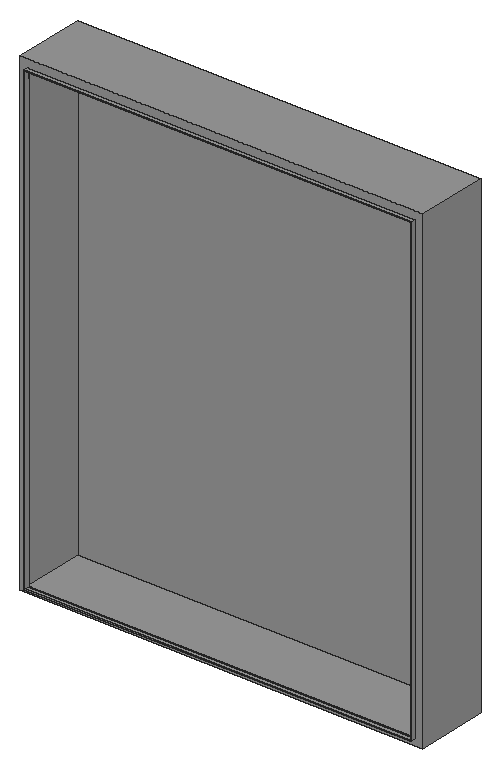
Revit family "Hager-Univers-IP30-D161-Cl.II-FWB-encl--NoHosted-CH-it", category Electrical Equipment, Revit 2020
Family settings
  Panel Configuration = Two Columns, Circuits Across
  Round Connector Dimension = Use Diameter
  Part Type = Panelboard
  Work Plane-Based = Yes
  Always vertical = Yes
  Cut with Voids When Loaded = No
  Shared = No
  Room Calculation Point = No
Parameters (values of type "A parete IP30 L800 A950 P161  - FWB63D1")
  Width Control [instance] = if([EF000008 - Larghezza] > Min Width, [EF000008 - Larghezza], Min Width)  # 800 mm
  Type Comments = [HG000003 - Gamma]  # "Univers"
  Thickness Door [instance] = if([EF009171 - spessore materiale porta/coperchio] > 3 mm, 3 mm, [EF009171 - spessore materiale porta/coperchio])  # 1 mm
  Seal Frame Offset [instance] = 17 mm  # constant formula
  Plinth Visibility [instance] = [HG000027 - Altezza dello zoccolo] > 0 mm  # no
  Min Width [instance] = 100 mm  # constant formula
  Min Depth [instance] = (2 * [EF009170 - spessore materiale scatola]) + 1 mm  # 5 mm
  Min Height [instance] = 100 mm  # constant formula
  Internal Frame Depth [instance] = (Door System Depth * 0.5)  # 9 mm
  Panel Name [instance] = ""  # (empty or 0)
  Model = ""
  HG000027 - Altezza dello zoccolo = 0 mm
  HG000026 - A pavimento = no
  HG000024 - Altezza della sezione inferiore = 600 mm
  HG000023 - Custodia a doppia sezione = no
  HG000016 - Visibilità delle porte nella vista 3D [instance] = yes
  HG000015 - Visibilità attraverso la porta [instance] = no
  HG000014 - Porta destra [instance] = yes
  HG000013 - Porta sinistra [instance] = not([HG000014 - Porta destra])  # no
  HG000012 - Angolo di apertura della porta [instance] = 30.00°
  HG000010 - Porte asimmetriche = no
  HG000009 - Porta doppia a battente = no
  HG000006 - Ad incasso = no
  HG000004 - Codice produttore = "FWB63D1"
  HG000003 - Gamma = "Univers"
  HG000002 - Con porta = no
  Frame Offset Bottom [instance] = 10 mm  # constant formula
  Frame Offset [instance] = 15 mm  # constant formula
  EF015940 - Coprire con rilascio di sovrapressione = no
  EF011959 - tipo di protezione (NEMA) = ""
  EF009554 - numero delle aperture per la piastra della flangia = 6
  EF009212 - esecuzione coperchio = "EV009916 - con taglio"
  EF009171 - spessore materiale porta/coperchio = 1 mm
  EF009170 - spessore materiale scatola = 2 mm
  EF008873 - corrente nominale (In) = 125 A
  EF007800 - adatto per parafulmine = no
  EF006306 - con serratura = no
  EF006244 - coperchio/porta trasparente = no
  EF005474 - grado di protezione (IP) = "EV006410 - IP30"
  EF004464 - tipo di porta = "EV000494 - senza"
  EF004427 - numero di moduli = 216
  EF004293 - resistenza agli urti = "EV006815 - IK09"
  EF003532 - adatto per uso esterno = no
  EF002950 - Numero moduli DIN = 12
  EF001613 - Integrità del circuito = "EV000494 - senza"
  EF001596 - Attacco Lampada = "EV000179 - acciaio"
  EF001131 - profondità interna = 160 mm
  EF001088 - possibilità di applicazione = yes
  EF000437 - numero di ingressi per conduttori = 12
  EF000339 - tipo di copertura = "EV004216 - porta"
  EF000266 - numero di file = 0
  EF000218 - profondità di incasso = 0 mm
  EF000118 - con piastra di montaggio = no
  EF000116 - numero RAL = "9010"
  EF000049 - profondità = 161 mm
  EF000040 - Altezza = 950 mm
  EF000008 - Larghezza = 800 mm
  EF000007 - colore = "EV000202 - bianco"
  EF000003 - Tipo di montaggio = "EV000384 - A parete"
  Door System Leaf Tolerance [instance] = 1.5 mm  # constant formula
  Door System Depth [instance] = 18 mm  # constant formula
  Door Height [instance] = Height Control - [HG000027 - Altezza dello zoccolo]  # 950 mm
  Description = ""
  Default Elevation = 1219.2 mm
  Connector Offset [instance] = Height Control / 2  # 475 mm
  Manufacturer = "Hager"  # constant formula
  Height Control [instance] = if([EF000040 - Altezza] > Min Height, [EF000040 - Altezza], Min Height)  # 950 mm
  Depth Control [instance] = if([EF000049 - profondità] > Min Depth, [EF000049 - profondità], Min Depth)  # 161 mm
  Bottom Top Plate Trim [instance] = 1.5 mm  # constant formula
  Plinth height Ctrl [instance] = if([HG000027 - Altezza dello zoccolo] > 0 mm, [HG000027 - Altezza dello zoccolo], 12 mm)  # 12 mm
Types (19, lengths in mm): name | Width Control | Thickness Door | Min Depth | HG000004 - Codice produttore | EF009554 - numero delle aperture per la piastra della flangia | EF009212 - esecuzione coperchio | EF009171 - spessore materiale porta/coperchio | EF009170 - spessore materiale scatola | EF004427 - numero di moduli | EF001131 - profondità interna | EF000437 - numero di ingressi per conduttori | EF000339 - tipo di copertura | EF000040 - Altezza | EF000008 - Larghezza | Door Height | Connector Offset | Height Control
  A parete IP30 L1050 A1100 P161  - FWB74D1 | 1050 | 1 | 3 | "FWB74D1" | 8 | "EV009916 - con taglio" | 1 | 1 | 336 | 156 | 16 | "EV000494 - senza" | 1100 | 1050 | 1100 | 550 | 1100
  A parete IP30 L1050 A500 P161  - FWB34D1 | 1050 | 2 | 3 | "FWB34D1" | 8 | "EV009916 - con taglio" | 2 | 1 | 144 | 156 | 16 | "EV000494 - senza" | 500 | 1050 | 500 | 250 | 500
  A parete IP30 L1050 A650 P161  - FWB44D1 | 1050 | 1 | 3 | "FWB44D1" | 8 | "EV000116 - chiuso" | 1 | 1 | 192 | 160 | 16 | "EV004216 - porta" | 650 | 1050 | 650 | 325 | 650
  A parete IP30 L1050 A800 P161  - FWB54D1 | 1050 | 1 | 5 | "FWB54D1" | 8 | "EV009916 - con taglio" | 1 | 2 | 240 | 160 | 16 | "EV004216 - porta" | 800 | 1050 | 800 | 400 | 800
  A parete IP30 L1050 A950 P161  - FWB64D1 | 1050 | 1 | 5 | "FWB64D1" | 8 | "EV009916 - con taglio" | 1 | 2 | 288 | 160 | 16 | "EV004216 - porta" | 950 | 1050 | 950 | 475 | 950
  A parete IP30 L300 A1100 P161  - FWB71D1 | 300 | 1 | 3 | "FWB71D1" | 2 | "EV009916 - con taglio" | 1 | 1 | 84 | 156 | 4 | "EV000494 - senza" | 1100 | 300 | 1100 | 550 | 1100
  A parete IP30 L300 A1250 P161  - FWB81D1 | 300 | 1 | 3 | "FWB81D1" | 2 | "EV009916 - con taglio" | 1 | 1 | 96 | 160 | 4 | "EV000494 - senza" | 1250 | 300 | 1250 | 625 | 1250
  A parete IP30 L300 A650 P161  - FWB41D1 | 300 | 1 | 3 | "FWB41D1" | 2 | "EV000116 - chiuso" | 1 | 1 | 48 | 160 | 4 | "EV004216 - porta" | 650 | 300 | 650 | 325 | 650
  A parete IP30 L300 A800 P161  - FWB51D1 | 300 | 1 | 3 | "FWB51D1" | 2 | "EV009916 - con taglio" | 1 | 1 | 60 | 156 | 4 | "EV000494 - senza" | 800 | 300 | 800 | 400 | 800
  A parete IP30 L300 A950 P161  - FWB61D1 | 300 | 1 | 3 | "FWB61D1" | 2 | "EV009916 - con taglio" | 1 | 1 | 72 | 156 | 4 | "EV000494 - senza" | 950 | 300 | 950 | 475 | 950
  A parete IP30 L550 A1100 P161  - FWB72D1 | 550 | 1 | 3 | "FWB72D1" | 4 | "EV009916 - con taglio" | 1 | 1 | 168 | 156 | 8 | "EV000494 - senza" | 1100 | 550 | 1100 | 550 | 1100
  A parete IP30 L550 A500 P161  - FWB32D1 | 550 | 2 | 5 | "FWB32D1" | 4 | "EV009916 - con taglio" | 2 | 2 | 72 | 156 | 8 | "EV000494 - senza" | 500 | 550 | 500 | 250 | 500
  A parete IP30 L550 A650 P161  - FWB42D1 | 550 | 1 | 3 | "FWB42D1" | 4 | "EV000116 - chiuso" | 1 | 1 | 96 | 160 | 8 | "EV004216 - porta" | 650 | 550 | 650 | 325 | 650
  A parete IP30 L550 A800 P161  - FWB52D1 | 550 | 1 | 3 | "FWB52D1" | 4 | "EV009916 - con taglio" | 1 | 1 | 120 | 156 | 8 | "EV000494 - senza" | 800 | 550 | 800 | 400 | 800
  A parete IP30 L550 A950 P161  - FWB62D1 | 550 | 1 | 3 | "FWB62D1" | 4 | "EV009916 - con taglio" | 1 | 1 | 144 | 156 | 8 | "EV000494 - senza" | 950 | 550 | 950 | 475 | 950
  A parete IP30 L800 A500 P161  - FWB33D1 | 800 | 1 | 3 | "FWB33D1" | 6 | "EV000116 - chiuso" | 1 | 1 | 108 | 160 | 12 | "EV004216 - porta" | 500 | 800 | 500 | 250 | 500
  A parete IP30 L800 A650 P161  - FWB43D1 | 800 | 1 | 5 | "FWB43D1" | 6 | "EV000116 - chiuso" | 1 | 2 | 144 | 160 | 12 | "EV004216 - porta" | 650 | 800 | 650 | 325 | 650
  A parete IP30 L800 A800 P161  - FWB53D1 | 800 | 1 | 3 | "FWB53D1" | 6 | "EV000116 - chiuso" | 1 | 1 | 180 | 160 | 12 | "EV004216 - porta" | 800 | 800 | 800 | 400 | 800
  A parete IP30 L800 A950 P161  - FWB63D1 | 800 | 1 | 5 | "FWB63D1" | 6 | "EV009916 - con taglio" | 1 | 2 | 216 | 160 | 12 | "EV004216 - porta" | 950 | 800 | 950 | 475 | 950
Reference planes
  plane 1 "Center (Front/Back)": y = 0
  plane 2: z = 0
  plane 3 "Center (Left/Right)": x = 0
  plane 4: y = 0
  plane 5: y = 0
  plane 6: z = 0
  plane 7: x = -400
  plane 8: x = 400
  plane 9: x = 398
  plane 10: x = -398
  plane 11: z = 0
  plane 12: z = 2
  plane 13: y = -161
  plane 14: y = -2
  plane 15: x = 0
  plane 16: y = -143
  plane 17: y = -159
  plane 18: y = -141
  plane 19: x = -383
  plane 20: x = 383
  plane 21: z = 12
  plane 22: x = -383
  plane 23: x = 383
  plane 24: z = 0
  plane 25: z = 950
  plane 26: z = 950
  plane 27: z = 933
  plane 28: z = 948
Forms (mm)
  Extrusion 1, solid, material "Hager_Steel_RAL7035_Light_Grey", detail levels medium+fine
    sketch origin (-208.679, -4572, 0) x (-1, 0, 0) y (0, -1, 0)
      loop
        line (191.321, -4429) -> (-608.679, -4429) -> (-608.679, -4572) -> (191.321, -4572) -> (191.321, -4429)
    from 0 to 950
  Extrusion 2, void
    sketch origin (-350.771, -161, 1219.2) x (1, 0, 0) y (0, 0, 1)
      loop
        line (-47.229, -271.2) -> (-47.229, -1217.2) -> (748.771, -1217.2) -> (748.771, -271.2) -> (-47.229, -271.2)
    from -20 to -159
  Extrusion 3, void
    sketch origin (-290.084, -143, 1219.2) x (1, 0, 0) y (0, 0, 1)
      loop
        line (-92.916, -1207.2) -> (673.084, -1207.2) -> (673.084, -286.2) -> (-92.916, -286.2) -> (-92.916, -1207.2)
    from 0 to -2
  Extrusion 4, solid, material "Hager_Steel_RAL7035_Light_Grey", visible <- "Plinth Visibility", detail levels medium+fine
    sketch origin (0, 0, 0) x (1, 0, 0) y (0, 1, 0)
      loop
        line (-400, 0) -> (-400, -143) -> (400, -143) -> (400, 0) -> (-400, 0)
    from 0 to 12 <- "Plinth height Ctrl"
  Extrusion 5, solid, material "Hager_Steel_RAL7035_Light_Grey", detail levels coarse
    sketch origin (0, 0, 0) x (1, 0, 0) y (0, 1, 0)
      loop
        line (-400, 0) -> (-400, -161) -> (400, -161) -> (400, 0) -> (-400, 0)
    from 0 to 950 <- "Height Control"
  Sweep 6, void
    path in 3D
      loop
        line (-400, -143, 12) -> (400, -143, 12) -> (400, 0, 12) -> (-400, 0, 12) -> (-400, -143, 12)
    profile origin (-400, -71.5, 12) x (1, 0, 0) y (0, 0, 1)
      loop
        line (0, 0) -> (0, -1.5) -> (1.5, -1.5)
        arc (1.5, -1.5) -> (1.061, -0.439) -> (0, 0) r 1.5
  Extrusion 7, solid, material "Hager_Steel_RAL7035_Light_Grey", detail levels fine
    sketch origin (-400, -143, 0) x (1, 0, 0) y (0, 0, 1)
      loop
        line (17, 12) -> (783, 12) -> (783, 933) -> (17, 933) -> (17, 12)
      loop
        line (16, 11) -> (784, 11) -> (784, 934) -> (16, 934) -> (16, 11)
    from 0 to 9 <- "Internal Frame Depth"
Cuts and joins
  Extrusion 2, Extrusion 3 cuts Extrusion 1
  Sweep 6 cuts Extrusion 4
Lines and regions (mm)
  Masking region 1
    outline origin (0, 0, 0) x (1, 0, 0) y (0, 1, 0)
      loop
        line (-400, 0) -> (-400, -161) -> (400, -161) -> (400, 0) -> (-400, 0)
  Masking region 2, detail levels coarse
    outline origin (-290.084, -143, 1219.2) x (-1, 0, 0) y (0, 0, 1)
      loop
        line (-690.084, -1219.2) -> (109.916, -1219.2) -> (109.916, -269.2) -> (-690.084, -269.2) -> (-690.084, -1219.2)
  Masking region 3, detail levels coarse
    outline origin (0, 0, 0) x (0, 1, 0) y (0, 0, 1)
      loop
        line (0, 0) -> (0, 950) -> (-161, 950) -> (-161, 0) -> (0, 0)
  Masking region 4, visible <- "Plinth Visibility", detail levels medium+fine
    outline origin (0, 0, 0) x (0, 1, 0) y (0, 0, 1)
      loop
        line (-1.5, 12) -> (-141.5, 12)
        arc (-141.5, 12) -> (-141.939, 10.939) -> (-143, 10.5) r 1.5
        line (-143, 10.5) -> (-143, 0) -> (0, 0) -> (0, 10.5)
        arc (0, 10.5) -> (-1.061, 10.939) -> (-1.5, 12) r 1.5
  Masking region 5, detail levels medium+fine
    outline origin (0, 0, 594.038) x (0, 1, 0) y (0, 0, 1)
      loop
        line (0, -594.038) -> (0, 355.962) -> (-143, 355.962) -> (-143, -594.038) -> (0, -594.038)
  Masking region 6, detail levels medium+fine
    outline origin (-359.7, -143, 1211.883) x (-1, 0, 0) y (0, 0, 1)
      loop
        line (-759.7, -1211.883) -> (40.3, -1211.883) -> (40.3, -261.883) -> (-759.7, -261.883) -> (-759.7, -1211.883)
  Masking region 7, visible <- "Plinth Visibility", detail levels medium+fine
    outline origin (-320.334, -143, 1041.368) x (-1, 0, 0) y (0, 0, 1)
      loop
        line (-720.334, -1041.368) -> (79.666, -1041.368) -> (79.666, -1030.868)
        arc (79.666, -1030.868) -> (78.606, -1030.429) -> (78.166, -1029.368) r 1.5
        line (78.166, -1029.368) -> (-718.834, -1029.368)
        arc (-718.834, -1029.368) -> (-719.273, -1030.429) -> (-720.334, -1030.868) r 1.5
        line (-720.334, -1030.868) -> (-720.334, -1041.368)
  sketch lines
    curve 1: line (-400, 0, 12) -> (-400, -143, 12)
    curve 2: line (-400, -143, 12) -> (400, -143, 12)
    curve 3: line (400, 0, 12) -> (-400, 0, 12)
    curve 4: line (400, -143, 12) -> (400, 0, 12)
Dimensions and locks
  locked: plane 1 "Center (Front/Back)" to plane 5
  "EF009170 - spessore materiale scatola": plane 7 to plane 10
  "EF009170 - spessore materiale scatola": plane 8 to plane 9
  equal spacing: plane 7, plane 3 "Center (Left/Right)", plane 8
  "Width Control": plane 7 to plane 8
  "Depth Control": plane 4 to plane 13
  "EF009170 - spessore materiale scatola": plane 4 to plane 14
  "Height Control": plane 25 to level
  "HG000027 - Altezza dello zoccolo": plane 11 to level
  "EF009170 - spessore materiale scatola": plane 12 to plane 11
  "EF009170 - spessore materiale scatola": plane 17 to plane 13
  "EF009170 - spessore materiale scatola": plane 18 to plane 16
  "Frame Offset Bottom": plane 21 to plane 12
  "Frame Offset": plane 10 to plane 19
  "Frame Offset": plane 9 to plane 20
  "Door System Depth": plane 16 to plane 13
  "Seal Frame Offset": plane 7 to plane 22
  "Seal Frame Offset": plane 8 to plane 23
  "EF009170 - spessore materiale scatola": plane 26 to plane 28
  "Frame Offset": plane 28 to plane 27
  "Connector Offset": plane 2 to connector elem
  "Bottom Top Plate Trim": profile plane to Sweep 6 sketch curve
  "Bottom Top Plate Trim": Sweep 6 sketch curve to Sweep 6 sketch curve
  "Plinth height Ctrl": Masking region 4 sketch curve to level
  "Plinth height Ctrl": Masking region 7 sketch curve to level
  "Thickness Door": Extrusion 7 sketch curve to Extrusion 7 sketch curve  (x4)
  "Bottom Top Plate Trim": radius of Sweep 6 sketch curve
  "Bottom Top Plate Trim": radius of Masking region 4 sketch curve  (x2)
  "Bottom Top Plate Trim": radius of Masking region 7 sketch curve  (x2)
  aligned and locked: Extrusion 2 sketch curve to plane 12
  aligned and locked: Extrusion 2 sketch curve to plane 9
  aligned and locked: Extrusion 2 sketch curve to plane 10
  aligned and locked: Extrusion 2 to plane 14
  aligned and locked: Extrusion 1 sketch curve to plane 4
  aligned and locked: plane 8 to Extrusion 1 sketch curve
  aligned and locked: plane 7 to Extrusion 1 sketch curve
  aligned and locked: Extrusion 2 to plane 18
  aligned and locked: Extrusion 3 sketch curve to plane 19
  aligned and locked: plane 20 to Extrusion 3 sketch curve
  aligned and locked: Extrusion 3 to Extrusion 2
  aligned and locked: Extrusion 3 sketch curve to plane 21
  aligned and locked: plane 3 "Center (Left/Right)" to nested 1
  aligned and locked: Extrusion 1 sketch curve to plane 16
  aligned and locked: Extrusion 4 sketch curve to cut or joined group of Extrusion 1, Extrusion 2, Extrusion 3
  aligned and locked: Masking region 1 sketch curve to plane 7
  aligned and locked: Masking region 1 sketch curve to plane 5
  aligned and locked: Masking region 1 sketch curve to plane 8
  aligned and locked: Masking region 2 sketch curve to level
  aligned and locked: level to Masking region 3 sketch curve
  aligned and locked: plane 1 "Center (Front/Back)" to Masking region 3 sketch curve
  aligned and locked: plane 13 to Masking region 3 sketch curve
  aligned and locked: plane 5 to Masking region 4 sketch curve
  aligned and locked: Masking region 2 sketch curve to plane 8
  aligned and locked: Masking region 2 sketch curve to plane 7
  aligned and locked: plane 7 to nested 2
  aligned and locked: nested 2 to plane 5
  aligned and locked: plane 5 to Masking region 5 sketch curve
  aligned and locked: plane 26 to Masking region 5 sketch curve
  aligned and locked: Extrusion 5 sketch curve to plane 8
  aligned and locked: Extrusion 5 sketch curve to plane 7
  aligned and locked: Extrusion 5 sketch curve to plane 5
  aligned and locked: Extrusion 3 sketch curve to plane 27
  aligned and locked: Extrusion 2 sketch curve to plane 28
  aligned and locked: Masking region 2 to plane 25
  aligned and locked: Extrusion 4 to plane 16
  aligned and locked: profile plane to Sweep 6 sketch curve
  aligned and locked: Masking region 5 sketch curve to plane 24
  aligned and locked: level to Masking region 4 sketch curve
  aligned and locked: Masking region 1 to plane 13
  aligned and locked: nested 1 to plane 16
  aligned and locked: Masking region 3 to plane 25
  aligned and locked: plane 16 to Masking region 4 sketch curve
  aligned and locked: Masking region 5 sketch curve to plane 16
  aligned and locked: plane 24 to plane 11
  aligned and locked: plane 26 to plane 25
  aligned and locked: plane 26 to cut or joined group of Extrusion 1, Extrusion 2, Extrusion 3
  aligned and locked: nested 1 to plane 24
  aligned and locked: Extrusion 1 to Extrusion 3
  aligned and locked: Masking region 6 sketch curve to plane 8
  aligned and locked: Masking region 6 sketch curve to plane 24
  aligned and locked: Masking region 6 sketch curve to plane 7
  aligned and locked: Masking region 6 sketch curve to plane 26
  aligned and locked: Masking region 7 sketch curve to plane 7
  aligned and locked: level to Masking region 7 sketch curve
  aligned and locked: Masking region 7 sketch curve to plane 8
  aligned and locked: Extrusion 7 sketch curve to cut or joined group of Extrusion 1, Extrusion 2, Extrusion 3  (x4)
Automatic sketch dimensions
  plane 19 to Extrusion 3 sketch curve = 0 mm
  Extrusion 3 sketch curve to plane 20 = 0 mm
  Extrusion 3 sketch curve to plane 21 = 0 mm
  Extrusion 4 sketch curve to plane 7 = 0 mm
  Extrusion 4 sketch curve to plane 8 = 0 mm
  Extrusion 4 sketch curve to plane 16 = 0 mm
  Masking region 1 sketch curve to plane 13 = 0 mm
  Masking region 2 sketch curve to plane 25 = 0 mm
  Masking region 3 sketch curve to plane 25 = 0 mm
  Extrusion 5 sketch curve to plane 13 = 0 mm
  profile plane to Sweep 6 sketch curve = 0 mm
Nested families
  nested 1: "EC000058_Univers_Door" at (0, -143, 0), Double <- "HG000009 - Porta doppia a battente", Transparent <- "EF006244 - coperchio/porta trasparente", Angle <- "HG000012 - Angolo di apertura della porta", Door_Right <- "HG000014 - Porta destra", Assymetrical <- "HG000010 - Porte asimmetriche", Door <- "HG000002 - Con porta", Width_Ctrl <- "Width Control", 3d_Door <- "HG000016 - Visibilità delle porte nella vista 3D", Clearance <- "HG000015 - Visibilità attraverso la porta", Door_Left <- "HG000013 - Porta sinistra", Width <- "Width Control", Door_Depth <- "Door System Depth", Leaf_Tolerance <- "Door System Leaf Tolerance", Height <- "Door Height", Lock_Visibility <- "EF006306 - con serratura", Thickness <- "Thickness Door", type "EC000058_Univers_Door", detail levels medium+fine
    with min_wh 3 mm, Width_Ctrl 800 mm, Width 800 mm, Transparent no, Thickness 1 mm, Seal_Material Hager_Rubber, Lock_Visibility no, Lock_Material Hager_Plastic_RAL9005_Jet_Black, Leaf_Width 800 mm, Leaf_Tolerance_External_Sides 0 mm, Leaf_Tolerance 1.5 mm, Leaf_Offset 0 mm, Leaf_Height 947 mm, Leaf_2_Width 800 mm, Leaf_2_Offset 400 mm, Leaf_1_Width 800 mm, Leaf_1_Offset 400 mm, Height_Ctrl 950 mm, Height 950 mm, Glass_Material Hager_Glass, Double_Clearance_Ctrl no, Double no, Door_Right_Ctrl no, Door_Right yes, Door_Material Hager_Steel_RAL7035_Light_Grey, Door_Left_Ctrl no, Door_Left no, Door_Depth 18 mm, Door no, Clearance_Material Hager_Clearance, Clearance_Depth 800 mm, Clearance_Ctrl no, Clearance no, Assymetrical no, Angle 30.00°, 3d_Door yes
  nested 2: "Hager_Enclosure_Symbol" at (-400, 0, 0), Height <- "Depth Control", Width <- "Width Control", type "Hager_Enclosure_Symbol"
    with Width_Ctrl 800 mm, Width 800 mm, Height_Ctrl 161 mm, Height 161 mm, A_Width_Int 10.566 mm, A_Width 126.788 mm, A_Height_Ctrl 140.875 mm, A_Height 140.875 mm
Connectors
  electrical at (0, 0, 475)
    settings: on plane 1 "Center (Front/Back)", index 1, voltage 0 V, apparent load 0 VA, apparent load phase1 0 VA, apparent load phase2 0 VA, apparent load phase3 0 VA, power factor 1, load classification "Other", number of poles 1, system type 30, power factor state 1, is connector primary yes, connector utility no, sub classification motor no, connector description ""
Definition of nested family "EC000058_Univers_Door"
  Parameters (values of type "EC000058_Univers_Door")
    min_wh [instance] = (2 * Thickness) + 1 mm  # 11 mm
    Width_Ctrl [instance] = 400 mm
    Width [instance] = 500 mm
    Transparent [instance] = yes
    Thickness [instance] = 5 mm
    Seal_Material [instance] = none
    Lock_Visibility [instance] = yes
    Lock_Material [instance] = none
    Leaf_Width [instance] = if((Width_Ctrl - 2 * Leaf_Tolerance_External_Sides) > 0 mm, (Width_Ctrl - 2 * Leaf_Tolerance_External_Sides), min_wh)  # 400 mm
    Leaf_Tolerance_External_Sides [instance] = 0 mm  # constant formula
    Leaf_Tolerance [instance] = 1.5 mm
    Leaf_Offset [instance] = 0 mm  # constant formula
    Leaf_Height [instance] = if((Height_Ctrl - 2 * Leaf_Tolerance) > 0 mm, (Height_Ctrl - 2 * Leaf_Tolerance), min_wh)  # 497 mm
    Leaf_2_Width [instance] = if(and(and(Double, Assymetrical), Door_Left), (Leaf_Width / 3) - (Leaf_Tolerance / 2), if(and(and(Double, Assymetrical), Door_Right), (Leaf_Width / 3) * 2 - (Leaf_Tolerance / 2), if(and(Double, not(Assymetrical)), (Leaf_Width / 2) - Leaf_Tolerance, Leaf_Width)))  # 400 mm
    Leaf_2_Offset [instance] = if(and(Double, Assymetrical), Leaf_2_Width / 2, if(and(Double, not(Assymetrical)), Leaf_Width / 4, Leaf_Width / 2))  # 200 mm
    Leaf_1_Width [instance] = if(and(and(Double, Assymetrical), Door_Right), (Leaf_Width / 3) - (Leaf_Tolerance / 2), if(and(and(Double, Assymetrical), Door_Left), (Width / 3) * 2 - (Leaf_Tolerance / 2), if(and(Double, not(Assymetrical)), (Leaf_Width / 2) - Leaf_Tolerance, Leaf_Width)))  # 400 mm
    Leaf_1_Offset [instance] = if(and(Double, Assymetrical), Leaf_1_Width / 2, if(and(Double, not(Assymetrical)), Leaf_Width / 4, Leaf_Width / 2))  # 200 mm
    Height_Ctrl [instance] = if(Height > min_wh, Height, min_wh)  # 500 mm
    Height [instance] = 500 mm
    Glass_Material [instance] = none
    Double_Clearance_Ctrl [instance] = and(Double, Clearance)  # no
    Double [instance] = no
    Door_Right_Ctrl [instance] = and(or(Door_Right, Double), Door)  # yes
    Door_Right [instance] = yes
    Door_Material [instance] = none
    Door_Left_Ctrl [instance] = and(or(Door_Left, Double), Door)  # no
    Door_Left [instance] = no
    Door_Depth [instance] = 30 mm
    Door [instance] = yes
    Default Elevation = 1219.2 mm
    Clearance_Material [instance] = none
    Clearance_Depth [instance] = if(Leaf_1_Width > Leaf_2_Width, Leaf_1_Width, Leaf_2_Width)  # 400 mm
    Clearance_Ctrl [instance] = and(not(Double), Clearance)  # yes
    Clearance [instance] = yes
    Assymetrical [instance] = yes
    Angle [instance] = 30.00°
    3d_Door [instance] = yes
  Reference planes
    plane 1 "Center (Front/Back)": y = 0
    plane 2 "Bottom": z = 0
    plane 3 "Center (Left/Right)": x = 0
    plane 4: z = 500
    plane 5: x = -200
    plane 6: x = 200
    plane 7: z = 500
    plane 8: x = -200
    plane 9: z = 0
    plane 10: x = 200
    plane 11: y = 0
    plane 12: z = 1.5
    plane 13: x = -600
    plane 14: y = -400
    plane 15: x = 600
    plane 16: x = 0
    plane 17: x = 0
    plane 18: x = -200
    plane 19: x = 200
    plane 20: z = 498.5
  Forms (mm)
    Extrusion 1, solid, material <- "Clearance_Material", visible <- "Double_Clearance_Ctrl"
      sketch origin (1200, 0, 0) x (1, 0, 0) y (0, 0, -1)
        loop
          line (-1800, -498.5) -> (-600, -498.5) -> (-600, 0) -> (-1800, 0) -> (-1800, -498.5)
      from 0 to -400
  Dimensions and locks
    equal spacing: plane 5, plane 3 "Center (Left/Right)", plane 6
    "Width_Ctrl": plane 5 to plane 6
    "Leaf_Offset": plane 5 to plane 8
    "Leaf_Offset": plane 6 to plane 10
    "Leaf_Offset": plane 9 to level
    "Leaf_Offset": plane 4 to plane 7
    "Height_Ctrl": plane 4 to level
    "Leaf_Tolerance": plane 12 to plane 9
    locked: plane 11 to plane 1 "Center (Front/Back)"
    "Leaf_1_Offset": plane 18 to plane 16
    "Leaf_2_Offset": plane 17 to plane 19
    "Leaf_1_Width": plane 13 to plane 8
    "Leaf_2_Width": plane 10 to plane 15
    "Clearance_Depth": plane 14 to plane 1 "Center (Front/Back)"
    "Leaf_Tolerance_External_Sides": plane 8 to plane 18
    "Leaf_Tolerance_External_Sides": plane 19 to plane 10
    "Leaf_Tolerance": plane 7 to plane 20
    aligned and locked: level to plane 2 "Bottom"
    aligned and locked: nested 1 to plane 16
    aligned and locked: nested 2 to plane 17
    aligned and locked: Extrusion 1 to plane 13
    aligned and locked: plane 15 to Extrusion 1
    aligned and locked: Extrusion 1 to plane 14
    aligned and locked: plane 12 to nested 1
    aligned and locked: nested 2 to plane 12
    aligned and locked: Extrusion 1 to plane 11
    aligned and locked: plane 20 to Extrusion 1
    aligned and locked: nested 2 to plane 11
    aligned and locked: nested 1 to plane 11
  Automatic sketch dimensions
    Extrusion 1 sketch curve to level = 0 mm
    plane 5 to Extrusion 1 sketch curve = 400 mm
    plane 6 to Extrusion 1 sketch curve = 400 mm
    Extrusion 1 sketch curve to plane 4 = 1.5 mm
  Nested families
    nested 1: "EC000058_Univers_Door_Leaf" at (0, 0, 1.5), Width <- "Leaf_1_Width", visible <- "Door_Left_Ctrl", Leaf_Height <- "Leaf_Height", Angle <- "Angle", 3d_Door <- "3d_Door", Transparent <- "Transparent", Clearance Material <- "Clearance_Material", Clearance <- "Clearance_Ctrl", Door_Material <- "Door_Material", Glass_Material <- "Glass_Material", Door_Depth <- "Door_Depth", Lock_Material <- "Lock_Material", Seal_Material <- "Seal_Material", Lock_Visibility <- "Lock_Visibility", Thickness <- "Thickness", type "EC000058_Univers_Door_Leaf"
      with Width 400 mm, Transparent_Glass_Offset 30 mm, Transparent_Ctrl yes, Transparent yes, Thickness 5 mm, Standard no, Seal_Material none, Seal_D2 8 mm, Seal_D1 1 mm, Offset_Internal_Frame 10 mm, Lock_Width 20 mm, Lock_Visibility_3d yes, Lock_Visibility yes, Lock_Thickness_3 3 mm, Lock_Thickness_2 1 mm, Lock_Thickness_1 3 mm, Lock_Radius_Offset_2 16 mm, Lock_Radius_Offset_1 15 mm, Lock_Radius_2 5 mm, Lock_Radius 6 mm, Lock_Offset 5 mm, Lock_Material none, Lock_Height 80 mm, Lock_Cover_Top_Offset_2d 17 mm, Lock_Cover_Height -65 mm, Leaf_Height 497 mm, Internal_Seal_Thickness 8 mm, Internal_Seal_Depth_2 4.5 mm, Internal_Frame_Depth 25 mm, Glass_Thickness -1 mm, Glass_Offset -2 mm, Glass_Material none, Door_Material none, Door_Depth 30 mm, Clearance Material none, Clearance yes, Angle_Ctrl 30.00°, Angle 30.00°, 3d_Door yes
    nested 2: "EC000058_Univers_Door_Leaf" at (0, 0, 1.5) x (-1, 0, 0) z (0, 0, 1), Width <- "Leaf_2_Width", visible <- "Door_Right_Ctrl", Leaf_Height <- "Leaf_Height", Angle <- "Angle", 3d_Door <- "3d_Door", Transparent <- "Transparent", Clearance Material <- "Clearance_Material", Clearance <- "Clearance_Ctrl", Door_Material <- "Door_Material", Glass_Material <- "Glass_Material", Door_Depth <- "Door_Depth", Lock_Material <- "Lock_Material", Seal_Material <- "Seal_Material", Lock_Visibility <- "Lock_Visibility", Thickness <- "Thickness", type "EC000058_Univers_Door_Leaf"
      with Width 400 mm, Transparent_Glass_Offset 30 mm, Transparent_Ctrl yes, Transparent yes, Thickness 5 mm, Standard no, Seal_Material none, Seal_D2 8 mm, Seal_D1 1 mm, Offset_Internal_Frame 10 mm, Lock_Width 20 mm, Lock_Visibility_3d yes, Lock_Visibility yes, Lock_Thickness_3 3 mm, Lock_Thickness_2 1 mm, Lock_Thickness_1 3 mm, Lock_Radius_Offset_2 16 mm, Lock_Radius_Offset_1 15 mm, Lock_Radius_2 5 mm, Lock_Radius 6 mm, Lock_Offset 5 mm, Lock_Material none, Lock_Height 80 mm, Lock_Cover_Top_Offset_2d 17 mm, Lock_Cover_Height -65 mm, Leaf_Height 497 mm, Internal_Seal_Thickness 8 mm, Internal_Seal_Depth_2 4.5 mm, Internal_Frame_Depth 25 mm, Glass_Thickness -1 mm, Glass_Offset -2 mm, Glass_Material none, Door_Material none, Door_Depth 30 mm, Clearance Material none, Clearance yes, Angle_Ctrl 30.00°, Angle 30.00°, 3d_Door yes
  Definition of nested family "EC000058_Univers_Door_Leaf"
    Parameters (values of type "EC000058_Univers_Door_Leaf")
      Width [instance] = 2000 mm
      Transparent_Glass_Offset [instance] = 30 mm
      Transparent_Ctrl [instance] = and(Transparent, [3d_Door])  # yes
      Transparent [instance] = yes
      Thickness [instance] = 5 mm
      Standard [instance] = and(not(Transparent), [3d_Door])  # no
      Seal_Material [instance] = none
      Seal_D2 [instance] = 8 mm  # constant formula
      Seal_D1 [instance] = 1 mm  # constant formula
      Offset_Internal_Frame [instance] = 10 mm  # constant formula
      Lock_Width [instance] = 20 mm  # constant formula
      Lock_Visibility_3d [instance] = and(Lock_Visibility, [3d_Door])  # yes
      Lock_Visibility [instance] = yes
      Lock_Thickness_3 [instance] = 3 mm  # constant formula
      Lock_Thickness_2 [instance] = 1 mm  # constant formula
      Lock_Thickness_1 [instance] = 3 mm  # constant formula
      Lock_Radius_Offset_2 [instance] = Lock_Radius_Offset_1 + 1 mm  # 16 mm
      Lock_Radius_Offset_1 [instance] = 15 mm  # constant formula
      Lock_Radius_2 [instance] = Lock_Radius - 1 mm  # 5 mm
      Lock_Radius [instance] = 6 mm  # constant formula
      Lock_Offset [instance] = 5 mm  # constant formula
      Lock_Material [instance] = none
      Lock_Height [instance] = 80 mm  # constant formula
      Lock_Cover_Top_Offset_2d [instance] = Lock_Radius_Offset_2 + 1 mm  # 17 mm
      Lock_Cover_Height [instance] = -(Lock_Height - Lock_Radius_Offset_1)  # -65 mm
      Leaf_Height [instance] = 2720.336 mm
      Internal_Seal_Thickness [instance] = 8 mm  # constant formula
      Internal_Seal_Depth_2 [instance] = 4.5 mm  # constant formula
      Internal_Frame_Depth [instance] = if(Door_Depth - Thickness > 5 mm, Door_Depth - Thickness, 5 mm)  # 25 mm
      Glass_Thickness [instance] = if(Thickness > 15 mm, Glass_Offset + 10 mm, -1 mm)  # -1 mm
      Glass_Offset [instance] = if(Thickness > 15 mm, -(Thickness + 10 mm) / 2, -2 mm)  # -2 mm
      Glass_Material [instance] = none
      Door_Material [instance] = none
      Door_Depth [instance] = 30 mm
      Default Elevation = 0 mm
      Clearance Material [instance] = none
      Clearance [instance] = yes
      Angle_Ctrl [instance] = if(Angle > 180.00°, 180.00°, Angle)  # 90.00°
      Angle [instance] = 90.00°
      3d_Door [instance] = yes
    Reference planes
      plane 1 "Center (Front/Back)": y = 0
      plane 2: z = 0
      plane 3 "Center (Left/Right)": x = 0
      plane 4: y = 2000
      plane 5: x = -1000
      plane 6: x = 1000
      plane 7: x = -3000
      plane 8: z = 2720.336
      plane 9: z = 30
      plane 10: z = 2690.336
      plane 11: x = 970
      plane 12: x = -970
      plane 13: y = -3
      plane 14: z = 107.833
      plane 15: y = -5
      plane 16: y = -223.314
      plane 17: x = -1000
      plane 18: z = 1360.168
      plane 19: y = 30
    Forms (mm)
      Extrusion 1, solid, material <- "Clearance Material", visible <- "Clearance"
        sketch origin (0, 0, 0) x (1, 0, 0) y (0, 0, 1)
          loop
            line (-3000, 2720.336) -> (-3000, 0) -> (1000, 0) -> (1000, 2720.336) -> (-3000, 2720.336)
        from 0 to -2000
      Extrusion 2, solid, material <- "Door_Material", visible <- "Standard", detail levels medium+fine
        sketch origin (-1000, 0, 0) x (0, 1, 0) y (-1, 0, 0)
          loop
            line (0, 30) -> (0, 25) -> (2000, 25) -> (2000, 30) -> (0, 30)
        from 0 to 2720.336 <- "Leaf_Height"
      Extrusion 3, solid, material <- "Door_Material", visible <- "Transparent_Ctrl", detail levels medium+fine
        sketch origin (-1000, 0, 0) x (0, 1, 0) y (-1, 0, 0)
          loop
            line (0, 25) -> (2000, 25) -> (2000, 30) -> (0, 30) -> (0, 25)
        from 0 to 2720.336 <- "Leaf_Height"
      Extrusion 4, void
        sketch origin (-1025, 2000, 0) x (0, 1, 0) y (0, 0, -1)
          loop
            line (-30, -2690.336) -> (-30, -30) -> (-1970, -30) -> (-1970, -2690.336) -> (-30, -2690.336)
        from 0 to 5 <- "Thickness"
      Sweep 5, solid, material <- "Seal_Material", visible <- "Transparent_Ctrl", detail levels fine
        path in 3D
          loop
            line (-1025, 30, 30) -> (-1025, 30, 2690.336) -> (-1025, 1970, 2690.336) -> (-1025, 1970, 30) -> (-1025, 30, 30)
        profile origin (-1025, 1000, 30) x (1, 0, 0) y (0, 0, 1)
          loop
            line (0, 0) -> (0, -8) -> (1, -8) -> (1, 0) -> (0, 0)
      Extrusion 6, solid, material <- "Glass_Material", visible <- "Transparent_Ctrl", detail levels medium+fine
        sketch origin (-1030, 0, 0) x (0, 1, 0) y (0, 0, -1)
          loop
            line (1970, -2690.336) -> (1970, -30) -> (30, -30) -> (30, -2690.336) -> (1970, -2690.336)
        from -2 <- "Glass_Offset" to -1 <- "Glass_Thickness"
      Extrusion 7, solid, material <- "Door_Material", visible <- "3d_Door", detail levels medium+fine
        sketch origin (-1025, 2000, 0) x (0, -1, 0) y (0, 0, -1)
          loop
            line (0, -2720.336) -> (2000, -2720.336) -> (2000, 0) -> (0, 0) -> (0, -2720.336)
          loop
            line (1995, -5) -> (5, -5) -> (5, -2715.336) -> (1995, -2715.336) -> (1995, -5)
        from 0 to 25 <- "Internal_Frame_Depth"
      Sweep 8, solid, material <- "Seal_Material", visible <- "Transparent_Ctrl", detail levels fine
        path in 3D
          loop
            line (-1025, 0, 0) -> (-1025, 2000, 0) -> (-1025, 2000, 2720.336) -> (-1025, 0, 2720.336) -> (-1025, 0, 0)
        profile origin (-1025, 0, 1360.168) x (1, 0, 0) y (0, 1, 0)
          loop
            line (0, 10) -> (2.975, 10)
            arc (2.975, 10) -> (4.053, 10.447) -> (4.5, 11.525) r 1.525
            line (4.5, 11.525) -> (4.5, 16.527)
            arc (4.5, 16.527) -> (4.069, 17.569) -> (3.027, 18) r 1.473
            line (3.027, 18) -> (0, 18) -> (0, 10)
      Extrusion 9, solid, material <- "Lock_Material", visible <- "Lock_Visibility_3d", detail levels fine
        sketch origin (-1030, 0, 0) x (0, 1, 0) y (0, 0, -1)
          loop
            arc (1993.5, -1400.168) -> (1994.561, -1399.729) -> (1995, -1398.668) r 1.5
            line (1995, -1398.668) -> (1995, -1320.168) -> (1975, -1320.168) -> (1975, -1398.668)
            arc (1975, -1398.668) -> (1975.439, -1399.729) -> (1976.5, -1400.168) r 1.5
            line (1976.5, -1400.168) -> (1993.5, -1400.168)
        from 3 <- "Lock_Thickness_1" to 0
      Blend 10, solid, material <- "Lock_Material", visible <- "Lock_Visibility_3d", detail levels fine
        base sketch origin (-1033, 0, 0) x (0, 1, 0) y (0, 0, -1)
          loop
            line (1975, -1320.168) -> (1975, -1398.668)
            arc (1975, -1398.668) -> (1975.439, -1399.729) -> (1976.5, -1400.168) r 1.5
            line (1976.5, -1400.168) -> (1993.5, -1400.168)
            arc (1993.5, -1400.168) -> (1994.561, -1399.729) -> (1995, -1398.668) r 1.5
            line (1995, -1398.668) -> (1995, -1320.168) -> (1975, -1320.168)
        top sketch origin (-1033, 0, 0) x (0, 1, 0) y (0, 0, -1)
          loop
            line (1976, -1320.168) -> (1976, -1398.668)
            arc (1976, -1398.668) -> (1976.146, -1399.022) -> (1976.5, -1399.168) r 0.5
            line (1976.5, -1399.168) -> (1993.5, -1399.168)
            arc (1993.5, -1399.168) -> (1993.854, -1399.022) -> (1994, -1398.668) r 0.5
            line (1994, -1398.668) -> (1994, -1320.168) -> (1976, -1320.168)
        from 0 to 1 <- "Lock_Thickness_2"
      Blend 11, solid, material <- "Lock_Material", visible <- "Lock_Visibility_3d", detail levels fine
        base sketch origin (-1034, 0, 0) x (0, 1, 0) y (0, 0, -1)
          loop
            line (1978, -1320.168) -> (1978, -1384.168)
            arc (1978, -1384.168) -> (1985, -1391.168) -> (1992, -1384.168) r 7
            line (1992, -1384.168) -> (1992, -1320.168) -> (1978, -1320.168)
        top sketch origin (-1034, 0, 0) x (0, 1, 0) y (0, 0, -1)
          loop
            line (1991, -1320.168) -> (1979, -1320.168) -> (1979, -1383.168)
            arc (1979, -1383.168) -> (1985, -1389.168) -> (1991, -1383.168) r 6
            line (1991, -1383.168) -> (1991, -1320.168)
        from 0 to 3 <- "Lock_Thickness_3"
      Extrusion 12, solid, material <- "Lock_Material", visible <- "Lock_Visibility_3d", detail levels fine
        sketch origin (-1030, 1975, 1320.168) x (1, 0, 0) y (0, -1, 0)
          loop
            line (-7, -19) -> (-7, -1) -> (0, -1) -> (0, 0) -> (-8, 0) -> (-8, -20) -> (0, -20) -> (0, -19) -> (-7, -19)
        from 0 to -65 <- "Lock_Cover_Height"
      Extrusion 13, void
        sketch origin (-1038, 1995, 1320.168) x (-1, 0, 0) y (0, 0, -1)
          loop
            line (-5, -65) -> (0, -65) -> (-5, -60) -> (-5, -65)
        from 0 to 20 <- "Lock_Width"
      Extrusion 14, void
        sketch origin (-1038, 1975, 1320.168) x (0, -1, 0) y (0, 0, -1)
          loop
            circle (-10, -15.995) r 6
          loop
            circle (-10, -15.995) r 5
        from 0 to 2
      Extrusion 15, solid, material <- "Lock_Material", visible <- "Lock_Visibility_3d", detail levels medium
        sketch origin (-1030, 0, 0) x (0, 1, 0) y (0, 0, -1)
          loop
            arc (1993.5, -1400.168) -> (1994.561, -1399.729) -> (1995, -1398.668) r 1.5
            line (1995, -1398.668) -> (1995, -1320.168) -> (1975, -1320.168) -> (1975, -1398.668)
            arc (1975, -1398.668) -> (1975.439, -1399.729) -> (1976.5, -1400.168) r 1.5
            line (1976.5, -1400.168) -> (1993.5, -1400.168)
        from 8 to 0
    Cuts and joins
      Extrusion 4 cuts Extrusion 3
      Extrusion 13, Extrusion 14 cuts Extrusion 9
      Extrusion 14 cuts Blend 11
      Extrusion 13, Extrusion 14 cuts Extrusion 12
      joined: Extrusion 9, Blend 10, Blend 11, Extrusion 12
      Extrusion 14 cuts Extrusion 15
    Lines and regions (mm)
      Masking region 1, visible <- "Lock_Visibility", detail levels fine
        outline origin (0, 0, 0) x (0, 1, 0) y (0, 0, 1)
          loop
            line (30, 1320.168) -> (33, 1320.168) -> (33, 1400.168) -> (30, 1400.168) -> (30, 1320.168)
      Masking region 2, visible <- "Lock_Visibility", detail levels fine
        outline origin (0, 3.143, 0) x (0, 1, 0) y (0, 0, 1)
          loop
            line (29.857, 1354.168) -> (30.857, 1354.168) -> (30.857, 1366.168) -> (29.857, 1366.168) -> (29.857, 1354.168)
      Masking region 3, detail levels medium+fine
        outline origin (0, 0, 0) x (0, 1, 0) y (0, 0, 1)
          loop
            line (0, 0) -> (30, 0) -> (30, 2720.336) -> (0, 2720.336) -> (0, 0)
      Masking region 4, detail levels medium+fine
        outline origin (0, 0, 0) x (1, 0, 0) y (0, 0, 1)
          loop
            line (-1000, 2720.336) -> (-1000, 0) -> (1000, 0) -> (1000, 2720.336) -> (-1000, 2720.336)
      Masking region 5, visible <- "Lock_Visibility", detail levels fine
        outline origin (-47.116, 0, 0) x (1, 0, 0) y (0, 0, 1)
          loop
            arc (1024.616, 1399.168) -> (1023.556, 1398.729) -> (1023.116, 1397.668) r 1.5
            line (1023.116, 1397.668) -> (1023.116, 1320.168) -> (1041.116, 1320.168) -> (1041.116, 1397.668)
            arc (1041.116, 1397.668) -> (1040.677, 1398.729) -> (1039.616, 1399.168) r 1.5
            line (1039.616, 1399.168) -> (1024.616, 1399.168)
      Masking region 6, visible <- "Lock_Visibility", detail levels medium+fine
        outline origin (-25, 0, 0) x (1, 0, 0) y (0, 0, 1)
          loop
            arc (1001.5, 1400.168) -> (1000.439, 1399.729) -> (1000, 1398.668) r 1.5
            line (1000, 1398.668) -> (1000, 1320.168) -> (1020, 1320.168) -> (1020, 1398.668)
            arc (1020, 1398.668) -> (1019.561, 1399.729) -> (1018.5, 1400.168) r 1.5
            line (1018.5, 1400.168) -> (1001.5, 1400.168)
      Masking region 7, visible <- "Lock_Visibility", detail levels fine
        outline origin (-73.735, 0, 0) x (1, 0, 0) y (0, 0, 1)
          loop
            line (1051.735, 1382.168) -> (1065.735, 1382.168) -> (1065.735, 1384.168)
            arc (1065.735, 1384.168) -> (1058.735, 1391.168) -> (1051.735, 1384.168) r 7
            line (1051.735, 1384.168) -> (1051.735, 1382.168)
      Masking region 8, visible <- "Lock_Visibility", detail levels fine
        outline origin (-73.735, 0, 0) x (1, 0, 0) y (0, 0, 1)
          loop
            line (1052.735, 1382.168) -> (1064.735, 1382.168) -> (1064.735, 1383.168)
            arc (1064.735, 1383.168) -> (1058.735, 1389.168) -> (1052.735, 1383.168) r 6
            line (1052.735, 1383.168) -> (1052.735, 1382.168)
      Masking region 9, visible <- "Lock_Visibility", detail levels fine
        outline origin (-25, 0, 0) x (1, 0, 0) y (0, 0, 1)
          loop
            line (1020, 1320.168) -> (1020, 1382.168) -> (1000, 1382.168) -> (1000, 1320.168) -> (1020, 1320.168)
      Masking region 10, detail levels medium+fine
        outline origin (0, 0, 0) x (1, 0, 0) y (0, 0, 1)
          loop
            circle (985, 1335.144) r 6
      Masking region 11, detail levels fine
        outline origin (0, 0, 0) x (1, 0, 0) y (0, 0, 1)
          loop
            circle (985, 1335.144) r 5
      Masking region 12, visible <- "Lock_Visibility", detail levels fine
        outline origin (0, 12.767, 0) x (0, 1, 0) y (0, 0, 1)
          loop
            line (20.233, 1320.168) -> (21.233, 1320.168) -> (21.233, 1399.168) -> (20.233, 1400.168) -> (20.233, 1320.168)
      Masking region 13, visible <- "Lock_Visibility", detail levels fine
        outline origin (0, 13.767, -10) x (0, 1, 0) y (0, 0, 1)
          loop
            line (20.233, 1330.168) -> (23.233, 1330.168) -> (23.233, 1399.168) -> (20.233, 1402.168) -> (20.233, 1330.168)
      Masking region 14, visible <- "Lock_Visibility", detail levels fine
        outline origin (0, 12.767, -10) x (0, 1, 0) y (0, 0, 1)
          loop
            line (20.233, 1330.168) -> (25.233, 1330.168) -> (25.233, 1399.305) -> (20.233, 1394.305) -> (20.233, 1330.168)
      Masking region 15, visible <- "Lock_Visibility", detail levels medium
        outline origin (0, 0, 0) x (0, 1, 0) y (0, 0, 1)
          loop
            line (30, 1320.168) -> (38, 1320.168) -> (38, 1400.168) -> (30, 1400.168) -> (30, 1320.168)
      Masking region 16, visible <- "Lock_Visibility", detail levels fine
        outline origin (-1000, 0, 0) x (0, 1, 0) y (-1, 0, 0)
          loop
            line (1975, 30) -> (1995, 30) -> (1995, 38) -> (1975, 38) -> (1975, 30)
          loop
            line (1979, 37) -> (1976, 37) -> (1976, 34) -> (1978, 34) -> (1979, 37)
          loop
            line (1994, 37) -> (1991, 37) -> (1992, 34) -> (1994, 34) -> (1994, 37)
      Masking region 17, visible <- "Lock_Visibility", detail levels medium
        outline origin (-1000, 0, 0) x (0, 1, 0) y (-1, 0, 0)
          loop
            line (1975, 30) -> (1995, 30) -> (1995, 38) -> (1975, 38) -> (1975, 30)
      symbolic lines
        curve 1: line (1000, 0, 0) -> (-3000, 0, 0)
        curve 2: arc (1000, 0, 0) -> (-1000, 2000, 0) -> (-3000, 0, 0) r 2000
        curve 4: line (-1030, 0, 0) -> (-1030, 2000, 0)
      reference lines
        curve 3: line (-1000, 0, 0) -> (-1000, 2000, 0)
      symbolic lines, detail levels medium+fine
        curve 5: line (-1030, 2000, 0) -> (-1025, 2000, 0)
        curve 7: line (-1025, 0, 0) -> (-1030, 0, 0)
        curve 8: line (-1025, 0, 0) -> (-1000, 0, 0)
        curve 9: line (-1000, 0, 0) -> (-1000, 2000, 0)
        curve 10: line (-1000, 2000, 0) -> (-1025, 2000, 0)
      symbolic lines, detail levels fine
        curve 6: line (-1025, 2000, 0) -> (-1025, 0, 0)
      sketch lines
        curve 11: line (-1025, 0, 2720.336) -> (-1025, 0, 0)
        curve 12: line (-1025, 2000, 0) -> (-1025, 0, 0)
        curve 13: line (-1025, 2000, 2720.336) -> (-1025, 2000, 0)
        curve 14: line (-1025, 0, 2720.336) -> (-1025, 2000, 2720.336)
        curve 15: line (-1025, 1970, 30) -> (-1025, 30, 30)
        curve 16: line (-1025, 30, 30) -> (-1025, 30, 2690.336)
        curve 17: line (-1025, 1970, 2690.336) -> (-1025, 1970, 30)
        curve 18: line (-1025, 30, 2690.336) -> (-1025, 1970, 2690.336)
      symbolic lines, visible <- "Transparent", detail levels medium+fine
        curve 19: line (-970, 0, 2690.336) -> (970, 0, 2690.336)
        curve 20: line (-970, 0, 30) -> (-970, 0, 2690.336)
        curve 21: line (970, 0, 30) -> (-970, 0, 30)
        curve 22: line (970, 0, 2690.336) -> (970, 0, 30)
    Dimensions and locks
      "Width": plane 1 "Center (Front/Back)" to plane 4
      equal spacing: plane 5, plane 3 "Center (Left/Right)", plane 6
      "Width": plane 5 to plane 6
      "Width": plane 7 to plane 5
      "Leaf_Height": plane 8 to level
      "Width": curve 5 to curve 3
      "Width": curve 3 to curve 3
      plane 8 to plane 10 = 30 mm
      plane 9 to level = 30 mm
      plane 12 to plane 5 = 30 mm
      plane 6 to plane 11 = 30 mm
      Extrusion 1 to Extrusion 4 sketch curve = 30 mm
      "Transparent_Glass_Offset": curve 3 to Extrusion 4 sketch curve
      "Transparent_Glass_Offset": Extrusion 4 sketch curve to cut or joined group of Extrusion 3, Extrusion 4  (x2)
      cut or joined group of Extrusion 3, Extrusion 4 to Extrusion 6 sketch curve = 30 mm
      "Transparent_Glass_Offset": cut or joined group of Extrusion 3, Extrusion 4 to Extrusion 4 sketch curve
      "Thickness": curve 6 to curve 4
      "Thickness": Extrusion 7 sketch curve to Extrusion 7 sketch curve  (x4)
      "Door_Depth": curve 4 to curve 3
      "Offset_Internal_Frame": profile plane to Sweep 8 sketch curve
      "Internal_Seal_Thickness": Sweep 8 sketch curve to Sweep 8 sketch curve
      "Internal_Seal_Depth_2": profile plane to Sweep 8 sketch curve
      "Seal_D1": profile plane to Sweep 5 sketch curve
      "Seal_D2": profile plane to Sweep 5 sketch curve
      "Thickness": Extrusion 2 sketch curve to Extrusion 2 sketch curve
      equal spacing: Extrusion 9 sketch curve, plane 18, Extrusion 9 sketch curve  (x2)
      equal spacing: Masking region 1 sketch curve, plane 18, Masking region 1 sketch curve
      "Lock_Height": Masking region 1 sketch curve to Masking region 1 sketch curve
      "Lock_Radius": Masking region 2 sketch curve to plane 18 to Masking region 2 sketch curve
      Masking region 2 sketch curve to Masking region 1 = 1 mm
      "Door_Depth": plane 19 to plane 1 "Center (Front/Back)"
      "Lock_Thickness_1": Masking region 1 sketch curve to plane 19
      "Lock_Width": Extrusion 9 sketch curve to Extrusion 9 sketch curve
      "Lock_Height": Extrusion 9 sketch curve to Extrusion 9 sketch curve
      "Lock_Offset": cut or joined group of Extrusion 3, Extrusion 4 to Extrusion 9 sketch curve
      equal spacing: plane 8, plane 18, level
      "Lock_Radius_Offset_1": Blend 11 sketch curve to Blend 10
      locked: Blend 10 to Blend 11 sketch curve at 2  (x2)
      locked: var sketch to Blend 11 sketch curve at 1  (x2)
      "Lock_Radius_Offset_2": Blend 11 sketch curve to Blend 10
      locked: Extrusion 12 sketch curve to Extrusion 12 sketch curve at 1  (x3)
      Masking region 6 sketch curve to Masking region 6 sketch curve = 80 mm
      "Lock_Height": Masking region 6 sketch curve to Masking region 6 sketch curve
      "Lock_Width": Masking region 6 sketch curve to Masking region 6 sketch curve
      locked: Masking region 6 to Masking region 5 sketch curve at 1  (x3)
      locked: Masking region 5 to Masking region 7 sketch curve at 2  (x2)
      "Lock_Radius_Offset_1": Masking region 5 to Masking region 7 sketch curve
      "Lock_Radius_Offset_2": Masking region 5 to Masking region 8 sketch curve
      locked: Masking region 7 to Masking region 8 sketch curve at 1  (x2)
      "Lock_Cover_Top_Offset_2d": Masking region 5 to Masking region 9 sketch curve
      equal spacing: Masking region 9, Masking region 10 sketch curve, Masking region 9
      equal spacing: Masking region 9, Masking region 11 sketch curve, Masking region 9
      Extrusion 15 sketch curve to Extrusion 15 sketch curve = 80 mm
      "Lock_Width": Extrusion 15 sketch curve to Extrusion 15 sketch curve
      "Lock_Height": Extrusion 15 sketch curve to Extrusion 15 sketch curve
      equal spacing: Extrusion 15 sketch curve, plane 18, Extrusion 15 sketch curve
      "Lock_Thickness_3": Masking region 13 sketch curve to Masking region 13 sketch curve
      "Lock_Height": Masking region 12 sketch curve to Masking region 12 sketch curve
      locked: Masking region 13 sketch curve to Masking region 1 at 8
      locked: Masking region 14 sketch curve to Masking region 13 at 1
      locked: Masking region 14 sketch curve to Masking region 1 at 10.863
      "Lock_Height": Masking region 15 sketch curve to Masking region 15 sketch curve
      "Lock_Offset": Extrusion 15 sketch curve to cut or joined group of Extrusion 3, Extrusion 4
      "Lock_Offset": plane 6 to Masking region 6 sketch curve
      radius of Sweep 8 sketch curve = 1.525 mm
      radius of Sweep 8 sketch curve = 1.473 mm
      radius of Extrusion 9 sketch curve = 1.5 mm  (x2)
      "Lock_Radius": radius of Extrusion 14 sketch curve
      "Lock_Radius_2": radius of Extrusion 14 sketch curve
      "Lock_Radius": radius of Masking region 10 sketch curve
      "Lock_Radius_2": radius of Masking region 11 sketch curve
      radius of Extrusion 15 sketch curve = 1.5 mm  (x2)
      "Angle_Ctrl": angle plane 1 "Center (Front/Back)" to curve 3
      locked: Masking region 12 sketch curve to Masking region 12 sketch curve (angle 45.00°)
      locked: Masking region 13 sketch curve to Masking region 13 sketch curve (angle 45.00°)
      locked: Masking region 14 sketch curve to Masking region 14 sketch curve (angle 45.00°)
      aligned and locked: level to plane 2
      aligned and locked: Extrusion 1 to curve 1
      aligned and locked: plane 6 to Extrusion 1
      aligned and locked: Extrusion 1 to plane 1 "Center (Front/Back)"
      aligned and locked: plane 4 to Extrusion 1
      aligned and locked: plane 8 to Extrusion 1
      aligned and locked: curve 7 to Extrusion 2 sketch curve
      aligned and locked: curve 5 to Extrusion 2 sketch curve
      aligned and locked: curve 7 to Extrusion 3 sketch curve
      aligned and locked: Extrusion 3 sketch curve to curve 4
      aligned and locked: Extrusion 3 sketch curve to curve 6
      aligned and locked: Extrusion 3 sketch curve to curve 5
      aligned and locked: curve 9 to curve 3
      aligned and locked: Extrusion 7 sketch curve to cut or joined group of Extrusion 3, Extrusion 4  (x4)
      aligned and locked: plane 17 to curve 3
      aligned and locked: plane 1 "Center (Front/Back)" to curve 3
      aligned and locked: plane 17 to plane 5
      aligned and locked: Sweep 8 sketch curve to profile plane
      aligned and locked: Sweep 5 sketch curve to profile plane  (x2)
      aligned and locked: Masking region 1 to Masking region 2 sketch curve
      aligned and locked: plane 19 to Masking region 1 sketch curve
      aligned and locked: plane 1 "Center (Front/Back)" to Masking region 3 sketch curve
      aligned and locked: plane 19 to Masking region 3 sketch curve
      aligned and locked: level to Masking region 3 sketch curve
      aligned and locked: Masking region 3 sketch curve to plane 8
      aligned and locked: plane 17 to Masking region 4 sketch curve
      aligned and locked: level to Masking region 4 sketch curve
      aligned and locked: Masking region 4 sketch curve to plane 8
      aligned and locked: plane 12 to curve 20
      aligned and locked: plane 10 to curve 19
      aligned and locked: plane 11 to curve 22
      aligned and locked: curve 21 to plane 9
      aligned and locked: Extrusion 2 sketch curve to cut or joined group of Extrusion 3, Extrusion 4
      aligned and locked: Blend 10 sketch curve to Extrusion 9  (x4)
      aligned and locked: Extrusion 9 to Blend 10 sketch curve
      aligned and locked: Blend 10 to Blend 11 sketch curve
      aligned and locked: Extrusion 12 sketch curve to Blend 11
      aligned and locked: Extrusion 12 sketch curve to Extrusion 9  (x4)
      aligned and locked: Masking region 5 sketch curve to Masking region 6
      aligned and locked: Masking region 9 sketch curve to Masking region 6  (x3)
      aligned and locked: Masking region 12 sketch curve to Masking region 1
      aligned and locked: Masking region 13 sketch curve to Masking region 1
      aligned and locked: Masking region 12 to Masking region 14
      aligned and locked: Masking region 14 sketch curve to Masking region 1
      aligned and locked: Masking region 15 sketch curve to Masking region 14
      aligned and locked: Masking region 13 sketch curve to Masking region 12
      aligned and locked: Masking region 16 sketch curve to cut or joined group of Extrusion 14, Extrusion 15  (x4)
      aligned and locked: Masking region 16 sketch curve to cut or joined group of Extrusion 9, Blend 10, Blend 11, Extrusion 12, Extrusion 13, Extrusion 14  (x6)
      aligned and locked: cut or joined group of Extrusion 9, Blend 10, Blend 11, Extrusion 12, Extrusion 13, Extrusion 14 to Masking region 16 sketch curve
      aligned and locked: Masking region 17 sketch curve to cut or joined group of Extrusion 14, Extrusion 15  (x3)
      aligned and locked: Masking region 17 sketch curve to cut or joined group of Extrusion 9, Blend 10, Blend 11, Extrusion 12, Extrusion 13, Extrusion 14
      aligned and locked: Masking region 9 to Masking region 8 sketch curve
      aligned and locked: Masking region 9 to Masking region 7 sketch curve
    Automatic sketch dimensions
      plane 1 "Center (Front/Back)" to curve 2 = 0 mm
      curve 2 to plane 5 = 0 mm
      Extrusion 1 sketch curve to level = 0 mm
      Extrusion 1 sketch curve to plane 7 = 0 mm
      Extrusion 1 sketch curve to plane 6 = 0 mm
      Extrusion 1 sketch curve to plane 8 = 0 mm
      Extrusion 3 to Extrusion 6 sketch curve = 30 mm  (x4)
      Masking region 4 sketch curve to plane 6 = 0 mm
      Blend 10 sketch curve to Extrusion 9 = 1.5 mm
      Blend 10 sketch curve to Extrusion 9 = 1 mm
      Extrusion 13 sketch curve to Extrusion 12 = 0 mm  (x2)
      Extrusion 12 to Extrusion 13 sketch curve = 3 mm
      Extrusion 13 sketch curve to Extrusion 12 = 5 mm
      Extrusion 14 sketch curve to Extrusion 14 sketch curve = 0 mm  (x2)
      Extrusion 14 sketch curve to Extrusion 12 = 10 mm
      Extrusion 14 sketch curve to Extrusion 12 = 15.995 mm
      Masking region 5 sketch curve to Masking region 5 sketch curve = 1.5 mm  (x2)
      Masking region 10 sketch curve to plane 18 = 25.024 mm
      Masking region 11 sketch curve to plane 18 = 25.024 mm
      plane 19 to Masking region 14 sketch curve = 3 mm
      Masking region 16 sketch curve to Masking region 16 sketch curve = 3 mm
      curve 4 to curve 3 = 0 mm
      Blend 10 to Blend 11 sketch curve = 0 mm
      Masking region 6 sketch curve to Masking region 6 sketch curve = 1.5 mm  (x2)
      Masking region 6 sketch curve to plane 18 = 40 mm
      plane 19 to Masking region 12 sketch curve = 3 mm
      Masking region 12 sketch curve to Masking region 12 sketch curve = 1 mm
      Masking region 15 sketch curve to plane 19 = 0 mm
      Masking region 15 sketch curve to plane 18 = 40 mm
      radius of Blend 10 sketch curve to Extrusion 9 = 1 mm
Definition of nested family "Hager_Enclosure_Symbol"
  Parameters (values of type "Hager_Enclosure_Symbol")
    Width_Ctrl [instance] = if(Width > 1 mm, Width, 1 mm)  # 102.27 mm
    Width [instance] = 102.27 mm
    Height_Ctrl [instance] = if(Height > 1 mm, Height, 1 mm)  # 66.5 mm
    A_Width_Int [instance] = if(A_Width / 12 > 2 mm, A_Width / 12, 2 mm)  # 4.364 mm
    A_Width [instance] = if(A_Height_Ctrl * 0.9 > 2 mm, A_Height_Ctrl * 0.9, 2 mm)  # 52.369 mm
    A_Height_Ctrl [instance] = if(A_Height > 2 mm, A_Height, 2 mm)  # 58.188 mm
    Height [instance] = 66.5 mm
    A_Height [instance] = Height - (Height / 8)  # 58.188 mm
  Reference planes
    plane 1 "Centre (avant/arrière)": y = 0
    plane 2: z = 0
    plane 3 "Centre (gauche/droite)": x = 0
    plane 4: x = 52.369
    plane 5: y = 33.042
    plane 6: y = 41.77
    plane 7: y = 66.5
    plane 8: x = 26.184
    plane 9: y = 37.406
    plane 10: x = 102.27
    plane 11: y = 66.5
    plane 12: y = 8.313
  Lines and regions (mm)
    Filled region 1, type "Solid_Black", in view "Niveau de réf."
      outline origin (0, 0, 0) x (1, 0, 0) y (0, 1, 0)
        loop
          line (52.369, 66.5) -> (33.188, 54.536) -> (45.365, 45.006) -> (52.369, 66.5)
    Filled region 2, type "Solid_Black", in view "Niveau de réf."
      outline origin (0, 0, 0) x (1, 0, 0) y (0, 1, 0)
        loop
          line (0, 0) -> (102.27, 0) -> (102.27, 66.5) -> (0, 0)
    detail lines, in view "Niveau de réf."
      curve 1: line (0, 8.313, 0) -> (26.184, 41.77, 0)
      curve 2: line (26.184, 41.77, 0) -> (26.184, 33.042, 0)
      curve 3: line (26.184, 33.042, 0) -> (52.369, 66.5, 0)
  Dimensions and locks
    "A_Width": plane 3 "Centre (gauche/droite)" to plane 4
    equal spacing: plane 3 "Centre (gauche/droite)", plane 8, plane 4
    equal spacing: plane 6, plane 9, plane 5
    equal spacing: curve 3, Filled region 1 sketch curve, Filled region 1 sketch curve
    "Height_Ctrl": plane 1 "Centre (avant/arrière)" to plane 11
    "A_Height_Ctrl": plane 11 to plane 12
    equal spacing: plane 11, plane 9, plane 12
    "A_Width_Int": plane 6 to plane 9
    "Width_Ctrl": plane 3 "Centre (gauche/droite)" to plane 10
    angle Filled region 1 sketch curve to curve 3 = 20.00°
    angle curve 3 to Filled region 1 sketch curve = 20.00°
    locked: curve 3 to Filled region 1 sketch curve (angle 90.00°)
    aligned and locked: plane 10 to Filled region 2
    aligned and locked: plane 11 to Filled region 2 sketch curve
    aligned and locked: plane 10 to Filled region 2 sketch curve
    aligned and locked: plane 3 "Centre (gauche/droite)" to curve 1
    aligned and locked: plane 12 to curve 1
    aligned and locked: plane 7 to plane 11
  Automatic sketch dimensions
    Filled region 1 sketch curve to plane 4 = 0 mm
    Filled region 1 sketch curve to plane 7 = 0 mm
    plane 1 "Centre (avant/arrière)" to Filled region 2 sketch curve = 0 mm
    Filled region 2 sketch curve to plane 3 "Centre (gauche/droite)" = 0 mm
    curve 2 to plane 6 = 0 mm
    curve 2 to plane 8 = 0 mm
    curve 3 to plane 4 = 0 mm
    curve 2 to plane 5 = 0 mm
    curve 3 to plane 7 = 0 mm
